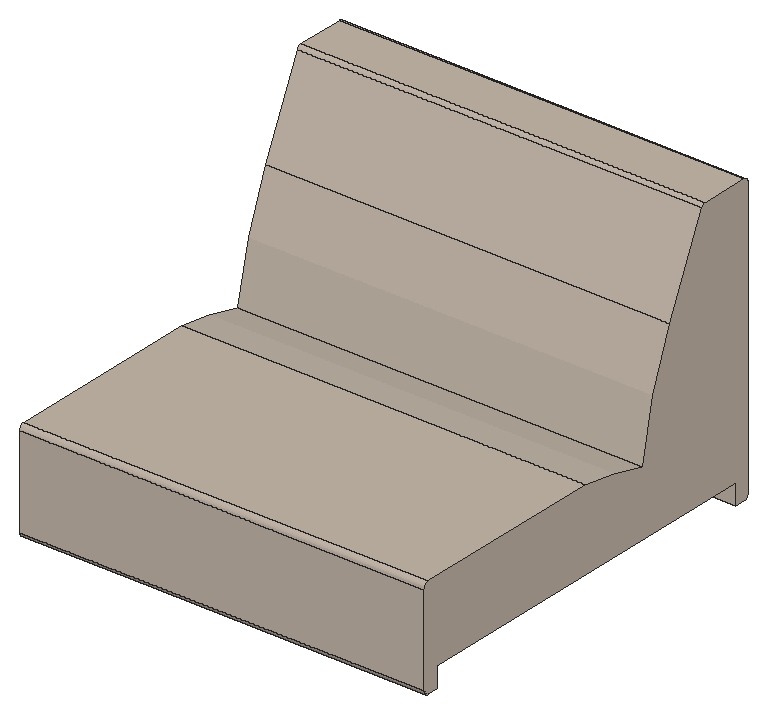
Revit family "FU_Modular_Sandler_Escala_ESC0250TA", category Furniture, Revit 2020
Family settings
  OmniClass Number = 23.40.20.00
  OmniClass Title = General Furniture and Specialties
  Work Plane-Based = No
  Always vertical = Yes
  Cut with Voids When Loaded = No
  Shared = No
  Room Calculation Point = No
Parameters (values of type "Escalas 0250TA")
  Width = 800 mm  # constant formula
  Upholstery [instance] = Fabric - Gravity - Wheat CPC21
  URL = "https://www.sandlerseating.com/product/esc0250ta/"
  Seat Height = 420 mm  # constant formula
  Seat Elevation = 220 mm  # constant formula
  Model = "Escalas 0250TA"
  Manufacturer = "Sandler"
  Height = 790 mm  # constant formula
  Description = "Upholstered 80 cm central seat with high backrest.\r\n\r\n57cm x 80cm x 80cm (measurements without base)"
  Depth = 800 mm  # constant formula
  Default Elevation = 0 mm
Reference planes
  plane 1 "Center (Front/Back)": y = 0
  plane 2: z = 0
  plane 3 "Center (Left/Right)": x = 0
  plane 4 "Right": x = -400
  plane 5 "Left": x = 400
  plane 6 "Front": y = -400
  plane 7 "Back": y = 400
  plane 8 "Elevation": z = 220
  plane 9 "Height": z = 790
  plane 10 "Seat height": z = 420
Forms (mm)
  Sweep 1, solid, material "Fabric - Gravity - Wheat CPC21" <- "Upholstery"
    path origin (0, 0, 220) x (-1, 0, 0) y (0, -1, 0)
      loop
        line (400, -400) -> (-400, -400)
    profile "Pro_Escalas_Seat_Shape_HB : Pro_Escalas_Seat_Shape_HB" origin (0, 400, 220) x (0, 1, 0) y (0, 0, 1)
      loop
        line (-790, 0) -> (-10, 0)
        arc (-10, 0) -> (-2.929, 2.929) -> (0, 10) r 10
        line (0, 10) -> (0, 560)
        arc (0, 560) -> (-2.929, 567.071) -> (-10, 570) r 10
        line (-10, 570) -> (-104.058, 570)
        arc (-104.058, 570) -> (-109.431, 568.434) -> (-113.121, 564.226) r 10
        line (-113.121, 564.226) -> (-192.518, 393.96)
        arc (-192.518, 393.96) -> (-234.317, 284.408) -> (-260, 170) r 816.842
        arc (-260, 170) -> (-329.19, 188.78) -> (-400, 200) r 664.836
        line (-400, 200) -> (-790, 200)
        arc (-790, 200) -> (-797.071, 197.071) -> (-800, 190) r 10
        line (-800, 190) -> (-800, 10)
        arc (-800, 10) -> (-797.071, 2.929) -> (-790, 0) r 10
  Extrusion 2, void
    sketch origin (-6.229, 0.386, 0) x (0, 1, 0) y (0, 0, 1)
      loop
        line (-370, 220) -> (370, 220) -> (370, 261) -> (-370, 261) -> (-370, 220)
    from -421.239 to 436.229
Cuts and joins
  Extrusion 2 cuts Sweep 1
Dimensions and locks
  equal spacing: plane 4 "Right", plane 3 "Center (Left/Right)", plane 5 "Left"
  "Width": plane 4 "Right" to plane 5 "Left"
  equal spacing: plane 7 "Back", plane 1 "Center (Front/Back)", plane 6 "Front"
  "Depth": plane 7 "Back" to plane 6 "Front"
  "Height": plane 9 "Height" to level
  "Seat Height": plane 10 "Seat height" to level
  "Seat Elevation": plane 8 "Elevation" to level
  aligned and locked: level to plane 2
Automatic sketch dimensions
  Sweep 1 sketch curve to plane 5 "Left" = 0 mm
  Sweep 1 sketch curve to plane 4 "Right" = 0 mm
  Sweep 1 sketch curve to plane 7 "Back" = 0 mm
  Extrusion 2 sketch curve to plane 8 "Elevation" = 0 mm
  plane 6 "Front" to Extrusion 2 sketch curve = 30.386 mm
  Extrusion 2 sketch curve to plane 7 "Back" = 29.614 mm
  plane 8 "Elevation" to Extrusion 2 sketch curve = 41 mm
